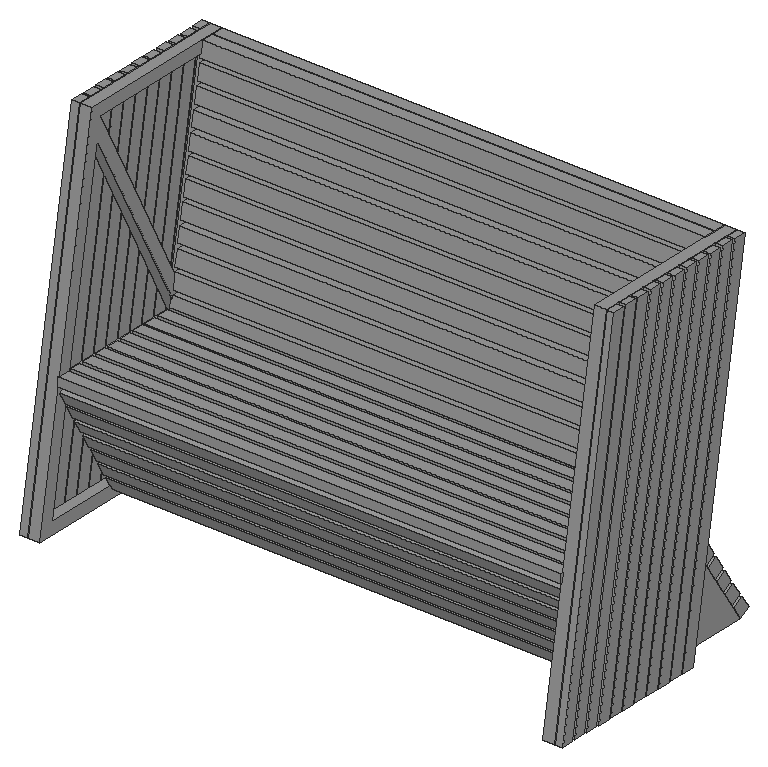
Revit family "Скамейка стальная «Тауэр» с высокой спинкой Арт 15066", category Антураж, Revit 2018
Family settings
  На основе рабочей плоскости = Нет
  Всегда вертикально = Да
  При загрузке вырезать с полостями = Нет
  Источник визуального образа = Геометрия семейства
  Общий = Нет
  Точка расчета площади = Нет
Parameters (values of type "Скамейка стальная «Тауэр» с высокой спинкой")
  Ширина = 855 mm  # constant formula
  Цвет опор = Сталь
  Цвет лавки = Дерево
  Описание = "Скамейка стальная «Тауэр» с высокой спинкой"  # constant formula
  Материал изделия = "Сталь, дерево"  # constant formula
  Изображение типоразмера = Скамейка стальная «Тауэр» с высокой спинкой Арт 15066.jpg
  Изготовитель = "ООО «Хоббика»"  # constant formula
  Длина = 1800 mm  # constant formula
  Группа модели = "Скамейки"  # constant formula
  Высота = 1200 mm  # constant formula
  Артикул товара = "Арт. 15066"  # constant formula
  URL = "https://hobbyka.ru/product/skameyka_s_vysokoy_spinkoy_tauer/"
Reference planes
  plane 1 "По центру (Вперед/Назад)": y = 0
  plane 2: z = 0
  plane 3 "По центру (Влево/Вправо)": x = 0
  plane 4: x = 1800
  plane 5: y = 855
  plane 6: z = 1200
Forms (mm)
  Extrusion 1, solid, material "Сталь" <- "Цвет опор"
    sketch origin (0, 0, 0) x (0, 1, 0) y (0, 0, 1)
      loop
        line (755, 1200) -> (215, 1200) -> (0, 0) -> (540, 0) -> (755, 1200)
      loop
        line (236.791, 1094.814) -> (117.679, 430) -> (575.531, 430) -> (236.791, 1094.814)
      loop
        line (47.804, 40) -> (339.393, 40) -> (143.094, 380) -> (108.72, 380) -> (47.804, 40)
      loop
        line (506.53, 40) -> (569.238, 390) -> (160.415, 390) -> (362.487, 40) -> (506.53, 40)
      loop
        line (707.196, 1160) -> (248.47, 1160) -> (587.857, 493.917) -> (707.196, 1160)
    from 25 to 65
  Extrusion 2, solid, material "Сталь" <- "Цвет опор"
    sketch origin (0, 0, 0) x (0, 1, 0) y (0, 0, 1)
      loop
        line (755, 1200) -> (215, 1200) -> (0, 0) -> (540, 0) -> (755, 1200)
      loop
        line (248.47, 1160) -> (587.857, 493.917) -> (707.196, 1160) -> (248.47, 1160)
      loop
        line (117.679, 430) -> (575.531, 430) -> (236.791, 1094.814) -> (117.679, 430)
      loop
        line (160.415, 390) -> (362.487, 40) -> (506.53, 40) -> (569.238, 390) -> (160.415, 390)
      loop
        line (47.804, 40) -> (339.393, 40) -> (143.094, 380) -> (108.72, 380) -> (47.804, 40)
    from 1735 to 1775
  Extrusion 3, solid, material "Сталь" <- "Цвет опор"
    sketch origin (0, 0, 0) x (0, 1, 0) y (0, 0, 1)
      loop
        line (600.369, 336.942) -> (540, 0) -> (819.181, 0) -> (600.369, 336.942)
    from 65 to 70
  Extrusion 4, solid, material "Сталь" <- "Цвет опор"
    sketch origin (0, 0, 0) x (0, 1, 0) y (0, 0, 1)
      loop
        line (600.369, 336.942) -> (540, 0) -> (819.181, 0) -> (600.369, 336.942)
    from 1730 to 1735
  Extrusion 5, solid, material "Сталь" <- "Цвет опор"
    sketch origin (0, 0, 0) x (0, 1, 0) y (0, 0, 1)
      loop
        line (755, 1200) -> (714.363, 1200) -> (707.196, 1160) -> (747.833, 1160) -> (755, 1200)
      loop
        line (628.493, 493.917) -> (587.857, 493.917) -> (580.69, 453.917) -> (621.327, 453.917) -> (628.493, 493.917)
    from 65 to 1735
  Extrusion 6, solid, material "Дерево" <- "Цвет лавки"
    sketch origin (0, 0, 0) x (0, 1, 0) y (0, 0, 1)
      loop
        line (215, 1200) -> (0, 0) -> (40.637, 0) -> (255.637, 1200) -> (215, 1200)
    from 0 to 25
  Extrusion 7, solid, material "Дерево" <- "Цвет лавки"
    sketch origin (0, 499.363, 0) x (0, 1, 0) y (0, 0, 1)
      loop
        line (215, 1200) -> (0, 0) -> (40.637, 0) -> (255.637, 1200) -> (215, 1200)
    from 0 to 25
  Extrusion 8, solid, material "Дерево" <- "Цвет лавки"
    sketch origin (0, 49.936, 0) x (0, 1, 0) y (0, 0, 1)
      loop
        line (215, 1200) -> (0, 0) -> (40.637, 0) -> (255.637, 1200) -> (215, 1200)
    from 0 to 25
  Extrusion 9, solid, material "Дерево" <- "Цвет лавки"
    sketch origin (0, 99.873, 0) x (0, 1, 0) y (0, 0, 1)
      loop
        line (215, 1200) -> (0, 0) -> (40.637, 0) -> (255.637, 1200) -> (215, 1200)
    from 0 to 25
  Extrusion 10, solid, material "Дерево" <- "Цвет лавки"
    sketch origin (0, 149.809, 0) x (0, 1, 0) y (0, 0, 1)
      loop
        line (215, 1200) -> (0, 0) -> (40.637, 0) -> (255.637, 1200) -> (215, 1200)
    from 0 to 25
  Extrusion 11, solid, material "Дерево" <- "Цвет лавки"
    sketch origin (0, 199.745, 0) x (0, 1, 0) y (0, 0, 1)
      loop
        line (215, 1200) -> (0, 0) -> (40.637, 0) -> (255.637, 1200) -> (215, 1200)
    from 0 to 25
  Extrusion 12, solid, material "Дерево" <- "Цвет лавки"
    sketch origin (0, 249.682, 0) x (0, 1, 0) y (0, 0, 1)
      loop
        line (215, 1200) -> (0, 0) -> (40.637, 0) -> (255.637, 1200) -> (215, 1200)
    from 0 to 25
  Extrusion 13, solid, material "Дерево" <- "Цвет лавки"
    sketch origin (0, 299.618, 0) x (0, 1, 0) y (0, 0, 1)
      loop
        line (215, 1200) -> (0, 0) -> (40.637, 0) -> (255.637, 1200) -> (215, 1200)
    from 0 to 25
  Extrusion 14, solid, material "Дерево" <- "Цвет лавки"
    sketch origin (0, 349.554, 0) x (0, 1, 0) y (0, 0, 1)
      loop
        line (215, 1200) -> (0, 0) -> (40.637, 0) -> (255.637, 1200) -> (215, 1200)
    from 0 to 25
  Extrusion 15, solid, material "Дерево" <- "Цвет лавки"
    sketch origin (0, 399.49, 0) x (0, 1, 0) y (0, 0, 1)
      loop
        line (215, 1200) -> (0, 0) -> (40.637, 0) -> (255.637, 1200) -> (215, 1200)
    from 0 to 25
  Extrusion 16, solid, material "Дерево" <- "Цвет лавки"
    sketch origin (0, 449.427, 0) x (0, 1, 0) y (0, 0, 1)
      loop
        line (215, 1200) -> (0, 0) -> (40.637, 0) -> (255.637, 1200) -> (215, 1200)
    from 0 to 25
  Extrusion 17, solid, material "Дерево" <- "Цвет лавки"
    sketch origin (0, 0, 0) x (0, 1, 0) y (0, 0, 1)
      loop
        line (215, 1200) -> (0, 0) -> (40.637, 0) -> (255.637, 1200) -> (215, 1200)
    from 1775 to 1800
  Extrusion 18, solid, material "Дерево" <- "Цвет лавки"
    sketch origin (0, 499.363, 0) x (0, 1, 0) y (0, 0, 1)
      loop
        line (215, 1200) -> (0, 0) -> (40.637, 0) -> (255.637, 1200) -> (215, 1200)
    from 1775 to 1800
  Extrusion 19, solid, material "Дерево" <- "Цвет лавки"
    sketch origin (0, 49.936, 0) x (0, 1, 0) y (0, 0, 1)
      loop
        line (215, 1200) -> (0, 0) -> (40.637, 0) -> (255.637, 1200) -> (215, 1200)
    from 1775 to 1800
  Extrusion 20, solid, material "Дерево" <- "Цвет лавки"
    sketch origin (0, 99.873, 0) x (0, 1, 0) y (0, 0, 1)
      loop
        line (215, 1200) -> (0, 0) -> (40.637, 0) -> (255.637, 1200) -> (215, 1200)
    from 1775 to 1800
  Extrusion 21, solid, material "Дерево" <- "Цвет лавки"
    sketch origin (0, 149.809, 0) x (0, 1, 0) y (0, 0, 1)
      loop
        line (215, 1200) -> (0, 0) -> (40.637, 0) -> (255.637, 1200) -> (215, 1200)
    from 1775 to 1800
  Extrusion 22, solid, material "Дерево" <- "Цвет лавки"
    sketch origin (0, 199.745, 0) x (0, 1, 0) y (0, 0, 1)
      loop
        line (215, 1200) -> (0, 0) -> (40.637, 0) -> (255.637, 1200) -> (215, 1200)
    from 1775 to 1800
  Extrusion 23, solid, material "Дерево" <- "Цвет лавки"
    sketch origin (0, 249.682, 0) x (0, 1, 0) y (0, 0, 1)
      loop
        line (215, 1200) -> (0, 0) -> (40.637, 0) -> (255.637, 1200) -> (215, 1200)
    from 1775 to 1800
  Extrusion 24, solid, material "Дерево" <- "Цвет лавки"
    sketch origin (0, 299.618, 0) x (0, 1, 0) y (0, 0, 1)
      loop
        line (215, 1200) -> (0, 0) -> (40.637, 0) -> (255.637, 1200) -> (215, 1200)
    from 1775 to 1800
  Extrusion 25, solid, material "Дерево" <- "Цвет лавки"
    sketch origin (0, 349.554, 0) x (0, 1, 0) y (0, 0, 1)
      loop
        line (215, 1200) -> (0, 0) -> (40.637, 0) -> (255.637, 1200) -> (215, 1200)
    from 1775 to 1800
  Extrusion 26, solid, material "Дерево" <- "Цвет лавки"
    sketch origin (0, 399.49, 0) x (0, 1, 0) y (0, 0, 1)
      loop
        line (215, 1200) -> (0, 0) -> (40.637, 0) -> (255.637, 1200) -> (215, 1200)
    from 1775 to 1800
  Extrusion 27, solid, material "Дерево" <- "Цвет лавки"
    sketch origin (0, 449.427, 0) x (0, 1, 0) y (0, 0, 1)
      loop
        line (215, 1200) -> (0, 0) -> (40.637, 0) -> (255.637, 1200) -> (215, 1200)
    from 1775 to 1800
  Extrusion 28, solid, material "Дерево" <- "Цвет лавки"
    sketch origin (0, 0, 0) x (0, 1, 0) y (0, 0, 1)
      loop
        line (115.252, 430) -> (115.252, 460) -> (75.252, 460) -> (75.252, 430) -> (115.252, 430)
    from 65 to 1735
  Extrusion 29, solid, material "Дерево" <- "Цвет лавки"
    sketch origin (0, 465.438, 0) x (0, 1, 0) y (0, 0, 1)
      loop
        line (115.252, 430) -> (115.252, 460) -> (75.252, 460) -> (75.252, 430) -> (115.252, 430)
    from 65 to 1735
  Extrusion 30, solid, material "Дерево" <- "Цвет лавки"
    sketch origin (0, 51.715, 0) x (0, 1, 0) y (0, 0, 1)
      loop
        line (115.252, 430) -> (115.252, 460) -> (75.252, 460) -> (75.252, 430) -> (115.252, 430)
    from 65 to 1735
  Extrusion 31, solid, material "Дерево" <- "Цвет лавки"
    sketch origin (0, 103.431, 0) x (0, 1, 0) y (0, 0, 1)
      loop
        line (115.252, 430) -> (115.252, 460) -> (75.252, 460) -> (75.252, 430) -> (115.252, 430)
    from 65 to 1735
  Extrusion 32, solid, material "Дерево" <- "Цвет лавки"
    sketch origin (0, 155.146, 0) x (0, 1, 0) y (0, 0, 1)
      loop
        line (115.252, 430) -> (115.252, 460) -> (75.252, 460) -> (75.252, 430) -> (115.252, 430)
    from 65 to 1735
  Extrusion 33, solid, material "Дерево" <- "Цвет лавки"
    sketch origin (0, 206.861, 0) x (0, 1, 0) y (0, 0, 1)
      loop
        line (115.252, 430) -> (115.252, 460) -> (75.252, 460) -> (75.252, 430) -> (115.252, 430)
    from 65 to 1735
  Extrusion 34, solid, material "Дерево" <- "Цвет лавки"
    sketch origin (0, 258.576, 0) x (0, 1, 0) y (0, 0, 1)
      loop
        line (115.252, 430) -> (115.252, 460) -> (75.252, 460) -> (75.252, 430) -> (115.252, 430)
    from 65 to 1735
  Extrusion 35, solid, material "Дерево" <- "Цвет лавки"
    sketch origin (0, 310.292, 0) x (0, 1, 0) y (0, 0, 1)
      loop
        line (115.252, 430) -> (115.252, 460) -> (75.252, 460) -> (75.252, 430) -> (115.252, 430)
    from 65 to 1735
  Extrusion 36, solid, material "Дерево" <- "Цвет лавки"
    sketch origin (0, 362.007, 0) x (0, 1, 0) y (0, 0, 1)
      loop
        line (115.252, 430) -> (115.252, 460) -> (75.252, 460) -> (75.252, 430) -> (115.252, 430)
    from 65 to 1735
  Extrusion 37, solid, material "Дерево" <- "Цвет лавки"
    sketch origin (0, 413.722, 0) x (0, 1, 0) y (0, 0, 1)
      loop
        line (115.252, 430) -> (115.252, 460) -> (75.252, 460) -> (75.252, 430) -> (115.252, 430)
    from 65 to 1735
  Extrusion 38, solid, material "Дерево" <- "Цвет лавки"
    sketch origin (0, 1.789, -30) x (0, 1, 0) y (0, 0, 1)
      loop
        line (137.437, 416.699) -> (112.437, 460) -> (77.796, 440) -> (102.796, 396.699) -> (137.437, 416.699)
      loop
        line (169.937, 360.407) -> (144.937, 403.708) -> (110.296, 383.708) -> (135.296, 340.407) -> (169.937, 360.407)
      loop
        line (202.437, 304.115) -> (177.437, 347.417) -> (142.796, 327.417) -> (167.796, 284.115) -> (202.437, 304.115)
      loop
        line (234.937, 247.824) -> (209.937, 291.125) -> (175.296, 271.125) -> (200.296, 227.824) -> (234.937, 247.824)
      loop
        line (267.437, 191.532) -> (242.437, 234.833) -> (207.796, 214.833) -> (232.796, 171.532) -> (267.437, 191.532)
      loop
        line (299.937, 135.24) -> (274.937, 178.542) -> (240.296, 158.542) -> (265.296, 115.24) -> (299.937, 135.24)
      loop
        line (332.437, 78.949) -> (307.437, 122.25) -> (272.796, 102.25) -> (297.796, 58.949) -> (332.437, 78.949)
    from 65 to 1735
  Extrusion 39, solid, material "Дерево" <- "Цвет лавки"
    sketch origin (0, 0, 0) x (0, 1, 0) y (0, 0, 1)
      loop
        line (714.363, 1200) -> (673.726, 1200) -> (664.929, 1150.9) -> (705.566, 1150.9) -> (714.363, 1200)
      loop
        line (702.9, 1136.019) -> (662.263, 1136.019) -> (653.466, 1086.919) -> (694.103, 1086.919) -> (702.9, 1136.019)
      loop
        line (691.436, 1072.038) -> (650.8, 1072.038) -> (642.002, 1022.938) -> (682.639, 1022.938) -> (691.436, 1072.038)
      loop
        line (679.973, 1008.056) -> (639.336, 1008.056) -> (630.539, 958.956) -> (671.176, 958.956) -> (679.973, 1008.056)
      loop
        line (668.51, 944.075) -> (627.873, 944.075) -> (619.076, 894.975) -> (659.713, 894.975) -> (668.51, 944.075)
      loop
        line (657.047, 880.094) -> (616.41, 880.094) -> (607.613, 830.994) -> (648.249, 830.994) -> (657.047, 880.094)
      loop
        line (645.583, 816.113) -> (604.946, 816.113) -> (596.149, 767.013) -> (636.786, 767.013) -> (645.583, 816.113)
      loop
        line (634.12, 752.132) -> (593.483, 752.132) -> (584.686, 703.032) -> (625.323, 703.032) -> (634.12, 752.132)
      loop
        line (622.657, 688.15) -> (582.02, 688.15) -> (573.223, 639.05) -> (613.86, 639.05) -> (622.657, 688.15)
      loop
        line (611.193, 624.169) -> (570.556, 624.169) -> (561.759, 575.069) -> (602.396, 575.069) -> (611.193, 624.169)
      loop
        line (599.73, 560.188) -> (559.093, 560.188) -> (550.296, 511.088) -> (590.933, 511.088) -> (599.73, 560.188)
      loop
        line (588.267, 496.207) -> (547.63, 496.207) -> (541.143, 460) -> (581.78, 460) -> (588.267, 496.207)
    from 65 to 1735
  Extrusion 40, solid, material "Дерево" <- "Цвет лавки"
    sketch origin (0, 0, 0) x (0, 1, 0) y (0, 0, 1)
      loop
        line (819.181, 0) -> (852.728, 21.786) -> (825.496, 63.719) -> (791.949, 41.934) -> (819.181, 0)
      loop
        line (783.78, 54.514) -> (817.326, 76.299) -> (790.094, 118.233) -> (756.548, 96.447) -> (783.78, 54.514)
      loop
        line (748.378, 109.027) -> (781.925, 130.813) -> (754.693, 172.746) -> (721.146, 150.961) -> (748.378, 109.027)
      loop
        line (712.977, 163.541) -> (746.523, 185.326) -> (719.291, 227.26) -> (685.745, 205.474) -> (712.977, 163.541)
      loop
        line (677.575, 218.054) -> (711.122, 239.84) -> (683.89, 281.773) -> (650.343, 259.988) -> (677.575, 218.054)
      loop
        line (642.173, 272.568) -> (675.72, 294.353) -> (648.488, 336.287) -> (614.941, 314.501) -> (642.173, 272.568)
      loop
        line (606.772, 327.082) -> (640.319, 348.867) -> (613.087, 390.801) -> (579.54, 369.015) -> (606.772, 327.082)
      loop
        line (571.37, 381.595) -> (604.917, 403.381) -> (577.685, 445.314) -> (544.138, 423.529) -> (571.37, 381.595)
    from 65 to 1735
Cuts and joins
  joined: Extrusion 2, Extrusion 4
  joined: Extrusion 1, Extrusion 3
Dimensions and locks
  "Длина": plane 3 "По центру (Влево/Вправо)" to plane 4
  "Ширина": plane 5 to plane 1 "По центру (Вперед/Назад)"
  "Высота": plane 6 to plane 2
  equal spacing: group 1, group 3, group 4, group 5, group 6, group 7, group 8, group 9, group 10, group 11, group 2  (x3)
  equal spacing: group 12, group 14, group 15, group 16, group 17, group 18, group 19, group 20, group 21, group 13  (x3)
  aligned and locked: level to plane 2
Automatic sketch dimensions
  Extrusion 3 sketch curve to level = 0 mm
  Extrusion 3 sketch curve to plane 5 = 315 mm
  Extrusion 3 sketch curve to plane 5 = 254.631 mm
  Extrusion 3 sketch curve to plane 5 = 35.819 mm
  level to Extrusion 3 sketch curve = 336.942 mm
  Extrusion 4 sketch curve to level = 0 mm
  Extrusion 4 sketch curve to plane 5 = 315 mm
  Extrusion 4 sketch curve to plane 5 = 254.631 mm
  Extrusion 4 sketch curve to plane 5 = 35.819 mm
  level to Extrusion 4 sketch curve = 336.942 mm
  Extrusion 5 sketch curve to plane 6 = 0 mm
  Extrusion 5 sketch curve to plane 5 = 274.31 mm
  Extrusion 5 sketch curve to Extrusion 5 sketch curve = 7.167 mm  (x4)
  Extrusion 5 sketch curve to Extrusion 5 sketch curve = 40.637 mm  (x2)
  Extrusion 5 sketch curve to plane 6 = 40 mm
  Extrusion 5 sketch curve to plane 5 = 147.804 mm
  level to Extrusion 5 sketch curve = 493.917 mm
  Extrusion 5 sketch curve to Extrusion 5 sketch curve = 40 mm
  Extrusion 6 sketch curve to Extrusion 6 sketch curve = 40.637 mm  (x2)
  Extrusion 6 sketch curve to Extrusion 6 sketch curve = 174.363 mm
  Extrusion 6 sketch curve to Extrusion 6 sketch curve = 1200 mm
  Extrusion 7 sketch curve to Extrusion 7 sketch curve = 40.637 mm  (x2)
  Extrusion 7 sketch curve to Extrusion 7 sketch curve = 174.363 mm
  Extrusion 7 sketch curve to Extrusion 7 sketch curve = 1200 mm
  Extrusion 8 sketch curve to Extrusion 8 sketch curve = 40.637 mm  (x2)
  Extrusion 8 sketch curve to Extrusion 8 sketch curve = 174.363 mm
  Extrusion 8 sketch curve to Extrusion 8 sketch curve = 1200 mm
  Extrusion 9 sketch curve to Extrusion 9 sketch curve = 40.637 mm  (x2)
  Extrusion 9 sketch curve to Extrusion 9 sketch curve = 174.363 mm
  Extrusion 9 sketch curve to Extrusion 9 sketch curve = 1200 mm
  Extrusion 10 sketch curve to Extrusion 10 sketch curve = 40.637 mm  (x2)
  Extrusion 10 sketch curve to Extrusion 10 sketch curve = 174.363 mm
  Extrusion 10 sketch curve to Extrusion 10 sketch curve = 1200 mm
  Extrusion 11 sketch curve to Extrusion 11 sketch curve = 40.637 mm  (x2)
  Extrusion 11 sketch curve to Extrusion 11 sketch curve = 174.363 mm
  Extrusion 11 sketch curve to Extrusion 11 sketch curve = 1200 mm
  Extrusion 12 sketch curve to Extrusion 12 sketch curve = 40.637 mm  (x2)
  Extrusion 12 sketch curve to Extrusion 12 sketch curve = 174.363 mm
  Extrusion 12 sketch curve to Extrusion 12 sketch curve = 1200 mm
  Extrusion 13 sketch curve to Extrusion 13 sketch curve = 40.637 mm  (x2)
  Extrusion 13 sketch curve to Extrusion 13 sketch curve = 174.363 mm
  Extrusion 13 sketch curve to Extrusion 13 sketch curve = 1200 mm
  Extrusion 14 sketch curve to Extrusion 14 sketch curve = 40.637 mm  (x2)
  Extrusion 14 sketch curve to Extrusion 14 sketch curve = 174.363 mm
  Extrusion 14 sketch curve to Extrusion 14 sketch curve = 1200 mm
  Extrusion 15 sketch curve to Extrusion 15 sketch curve = 40.637 mm  (x2)
  Extrusion 15 sketch curve to Extrusion 15 sketch curve = 174.363 mm
  Extrusion 15 sketch curve to Extrusion 15 sketch curve = 1200 mm
  Extrusion 16 sketch curve to Extrusion 16 sketch curve = 40.637 mm  (x2)
  Extrusion 16 sketch curve to Extrusion 16 sketch curve = 174.363 mm
  Extrusion 16 sketch curve to Extrusion 16 sketch curve = 1200 mm
  Extrusion 17 sketch curve to Extrusion 17 sketch curve = 40.637 mm  (x4)
  Extrusion 17 sketch curve to Extrusion 17 sketch curve = 174.363 mm  (x2)
  Extrusion 17 sketch curve to Extrusion 17 sketch curve = 1200 mm  (x2)
  Extrusion 27 sketch curve to Extrusion 27 sketch curve = 40.637 mm  (x2)
  Extrusion 27 sketch curve to Extrusion 27 sketch curve = 174.363 mm
  Extrusion 27 sketch curve to Extrusion 27 sketch curve = 1200 mm
  Extrusion 28 sketch curve to Extrusion 28 sketch curve = 40 mm
  Extrusion 28 sketch curve to Extrusion 28 sketch curve = 30 mm
  Extrusion 1 sketch curve to level = 0 mm
  Extrusion 1 sketch curve to plane 1 "По центру (Вперед/Назад)" = 0 mm
  Extrusion 1 sketch curve to plane 6 = 0 mm
  Extrusion 1 sketch curve to plane 1 "По центру (Вперед/Назад)" = 47.804 mm
  Extrusion 1 sketch curve to plane 1 "По центру (Вперед/Назад)" = 108.72 mm
  Extrusion 1 sketch curve to Extrusion 1 sketch curve = 8.958 mm
  Extrusion 1 sketch curve to Extrusion 1 sketch curve = 34.374 mm
  Extrusion 1 sketch curve to Extrusion 1 sketch curve = 17.321 mm
  Extrusion 1 sketch curve to plane 1 "По центру (Вперед/Назад)" = 215 mm
  Extrusion 1 sketch curve to plane 6 = 105.186 mm
  Extrusion 1 sketch curve to Extrusion 1 sketch curve = 21.791 mm
  Extrusion 1 sketch curve to plane 6 = 40 mm
  Extrusion 1 sketch curve to Extrusion 1 sketch curve = 33.47 mm  (x2)
  level to Extrusion 1 sketch curve = 40 mm  (x2)
  Extrusion 1 sketch curve to Extrusion 1 sketch curve = 291.589 mm
  Extrusion 1 sketch curve to Extrusion 1 sketch curve = 23.094 mm
  Extrusion 1 sketch curve to Extrusion 1 sketch curve = 144.043 mm
  Extrusion 1 sketch curve to plane 5 = 285.762 mm
  Extrusion 1 sketch curve to Extrusion 1 sketch curve = 12.326 mm
  Extrusion 1 sketch curve to plane 5 = 147.804 mm
  Extrusion 1 sketch curve to Extrusion 1 sketch curve = 47.804 mm
  Extrusion 1 sketch curve to Extrusion 1 sketch curve = 340 mm
  Extrusion 1 sketch curve to Extrusion 1 sketch curve = 350 mm
  Extrusion 1 sketch curve to Extrusion 1 sketch curve = 63.917 mm
  Extrusion 1 sketch curve to Extrusion 1 sketch curve = 6.293 mm
  Extrusion 1 sketch curve to Extrusion 1 sketch curve = 50 mm
  Extrusion 2 sketch curve to level = 0 mm
  Extrusion 2 sketch curve to plane 1 "По центру (Вперед/Назад)" = 0 mm
  Extrusion 2 sketch curve to plane 6 = 0 mm
  Extrusion 2 sketch curve to plane 1 "По центру (Вперед/Назад)" = 215 mm
  Extrusion 2 sketch curve to plane 5 = 315 mm
  Extrusion 2 sketch curve to plane 5 = 100 mm
  Extrusion 2 sketch curve to Extrusion 2 sketch curve = 33.47 mm  (x2)
  Extrusion 2 sketch curve to plane 5 = 267.143 mm
  Extrusion 2 sketch curve to plane 6 = 40 mm
  Extrusion 2 sketch curve to Extrusion 2 sketch curve = 47.804 mm
  level to Extrusion 2 sketch curve = 493.917 mm
  Extrusion 2 sketch curve to plane 1 "По центру (Вперед/Назад)" = 117.679 mm
  Extrusion 2 sketch curve to plane 6 = 105.186 mm
  Extrusion 2 sketch curve to Extrusion 2 sketch curve = 11.679 mm
  Extrusion 2 sketch curve to Extrusion 2 sketch curve = 12.326 mm
  Extrusion 2 sketch curve to Extrusion 2 sketch curve = 63.917 mm
  Extrusion 2 sketch curve to Extrusion 2 sketch curve = 42.736 mm
  level to Extrusion 2 sketch curve = 40 mm
  Extrusion 2 sketch curve to Extrusion 2 sketch curve = 177.513 mm
  Extrusion 2 sketch curve to Extrusion 2 sketch curve = 6.293 mm
  Extrusion 2 sketch curve to Extrusion 2 sketch curve = 40 mm
  Extrusion 2 sketch curve to plane 1 "По центру (Вперед/Назад)" = 47.804 mm
  Extrusion 2 sketch curve to Extrusion 2 sketch curve = 8.958 mm
  Extrusion 2 sketch curve to Extrusion 2 sketch curve = 17.321 mm
  Extrusion 2 sketch curve to Extrusion 2 sketch curve = 23.094 mm
  Extrusion 2 sketch curve to Extrusion 2 sketch curve = 0 mm
  Extrusion 2 sketch curve to Extrusion 2 sketch curve = 50 mm
  Extrusion 29 sketch curve to Extrusion 29 sketch curve = 40 mm
  Extrusion 29 sketch curve to Extrusion 29 sketch curve = 30 mm
  Extrusion 30 sketch curve to Extrusion 30 sketch curve = 40 mm
  Extrusion 30 sketch curve to Extrusion 30 sketch curve = 30 mm
  Extrusion 31 sketch curve to Extrusion 31 sketch curve = 40 mm
  Extrusion 31 sketch curve to Extrusion 31 sketch curve = 30 mm
  Extrusion 32 sketch curve to Extrusion 32 sketch curve = 40 mm
  Extrusion 32 sketch curve to Extrusion 32 sketch curve = 30 mm
  Extrusion 33 sketch curve to Extrusion 33 sketch curve = 40 mm
  Extrusion 33 sketch curve to Extrusion 33 sketch curve = 30 mm
  Extrusion 34 sketch curve to Extrusion 34 sketch curve = 40 mm
  Extrusion 34 sketch curve to Extrusion 34 sketch curve = 30 mm
  Extrusion 35 sketch curve to Extrusion 35 sketch curve = 40 mm
  Extrusion 35 sketch curve to Extrusion 35 sketch curve = 30 mm
  Extrusion 36 sketch curve to Extrusion 36 sketch curve = 40 mm
  Extrusion 36 sketch curve to Extrusion 36 sketch curve = 30 mm
  Extrusion 37 sketch curve to Extrusion 37 sketch curve = 40 mm
  Extrusion 37 sketch curve to Extrusion 37 sketch curve = 30 mm
  Extrusion 38 sketch curve to plane 1 "По центру (Вперед/Назад)" = 79.585 mm
  Extrusion 38 sketch curve to Extrusion 38 sketch curve = 25 mm  (x7)
  Extrusion 38 sketch curve to Extrusion 38 sketch curve = 7.5 mm  (x11)
  Extrusion 38 sketch curve to Extrusion 38 sketch curve = 34.641 mm
  level to Extrusion 38 sketch curve = 141.532 mm
  level to Extrusion 38 sketch curve = 85.24 mm
  level to Extrusion 38 sketch curve = 72.25 mm
  level to Extrusion 38 sketch curve = 148.542 mm
  level to Extrusion 38 sketch curve = 28.949 mm
  level to Extrusion 38 sketch curve = 92.25 mm
  Extrusion 38 sketch curve to Extrusion 38 sketch curve = 12.99 mm  (x9)
  Extrusion 39 sketch curve to plane 6 = 0 mm
  Extrusion 39 sketch curve to plane 5 = 313.857 mm
  Extrusion 39 sketch curve to Extrusion 39 sketch curve = 6.487 mm  (x2)
  Extrusion 39 sketch curve to Extrusion 39 sketch curve = 2.666 mm  (x22)
  Extrusion 39 sketch curve to Extrusion 39 sketch curve = 8.797 mm  (x11)
  Extrusion 39 sketch curve to Extrusion 39 sketch curve = 40.637 mm  (x12)
  Extrusion 39 sketch curve to plane 6 = 63.981 mm
  Extrusion 39 sketch curve to plane 6 = 49.1 mm
  Extrusion 39 sketch curve to Extrusion 39 sketch curve = 49.1 mm  (x10)
  Extrusion 39 sketch curve to Extrusion 39 sketch curve = 14.881 mm  (x10)
  Extrusion 39 sketch curve to Extrusion 39 sketch curve = 36.207 mm
  Extrusion 40 sketch curve to level = 0 mm
  Extrusion 40 sketch curve to plane 5 = 310.862 mm
  Extrusion 40 sketch curve to Extrusion 40 sketch curve = 27.232 mm  (x7)
  Extrusion 40 sketch curve to Extrusion 40 sketch curve = 33.547 mm
  Extrusion 40 sketch curve to Extrusion 40 sketch curve = 8.17 mm  (x14)
  Extrusion 40 sketch curve to plane 5 = 35.819 mm
  level to Extrusion 40 sketch curve = 21.786 mm
  Extrusion 40 sketch curve to Extrusion 40 sketch curve = 12.58 mm  (x14)
  Extrusion 18 sketch curve to Extrusion 18 sketch curve = 40.637 mm  (x2)
  Extrusion 18 sketch curve to Extrusion 18 sketch curve = 174.363 mm
  Extrusion 18 sketch curve to Extrusion 18 sketch curve = 1200 mm
  Extrusion 19 sketch curve to Extrusion 19 sketch curve = 40.637 mm  (x2)
  Extrusion 19 sketch curve to Extrusion 19 sketch curve = 174.363 mm
  Extrusion 19 sketch curve to Extrusion 19 sketch curve = 1200 mm
  Extrusion 20 sketch curve to Extrusion 20 sketch curve = 40.637 mm  (x2)
  Extrusion 20 sketch curve to Extrusion 20 sketch curve = 174.363 mm
  Extrusion 20 sketch curve to Extrusion 20 sketch curve = 1200 mm
  Extrusion 21 sketch curve to Extrusion 21 sketch curve = 40.637 mm  (x2)
  Extrusion 21 sketch curve to Extrusion 21 sketch curve = 174.363 mm
  Extrusion 21 sketch curve to Extrusion 21 sketch curve = 1200 mm
  Extrusion 22 sketch curve to Extrusion 22 sketch curve = 40.637 mm  (x2)
  Extrusion 22 sketch curve to Extrusion 22 sketch curve = 174.363 mm
  Extrusion 22 sketch curve to Extrusion 22 sketch curve = 1200 mm
  Extrusion 23 sketch curve to Extrusion 23 sketch curve = 40.637 mm  (x2)
  Extrusion 23 sketch curve to Extrusion 23 sketch curve = 174.363 mm
  Extrusion 23 sketch curve to Extrusion 23 sketch curve = 1200 mm
  Extrusion 24 sketch curve to Extrusion 24 sketch curve = 40.637 mm  (x2)
  Extrusion 24 sketch curve to Extrusion 24 sketch curve = 174.363 mm
  Extrusion 24 sketch curve to Extrusion 24 sketch curve = 1200 mm
  Extrusion 25 sketch curve to Extrusion 25 sketch curve = 40.637 mm  (x2)
  Extrusion 25 sketch curve to Extrusion 25 sketch curve = 174.363 mm
  Extrusion 25 sketch curve to Extrusion 25 sketch curve = 1200 mm
  Extrusion 26 sketch curve to Extrusion 26 sketch curve = 40.637 mm  (x2)
  Extrusion 26 sketch curve to Extrusion 26 sketch curve = 174.363 mm
  Extrusion 26 sketch curve to Extrusion 26 sketch curve = 1200 mm
